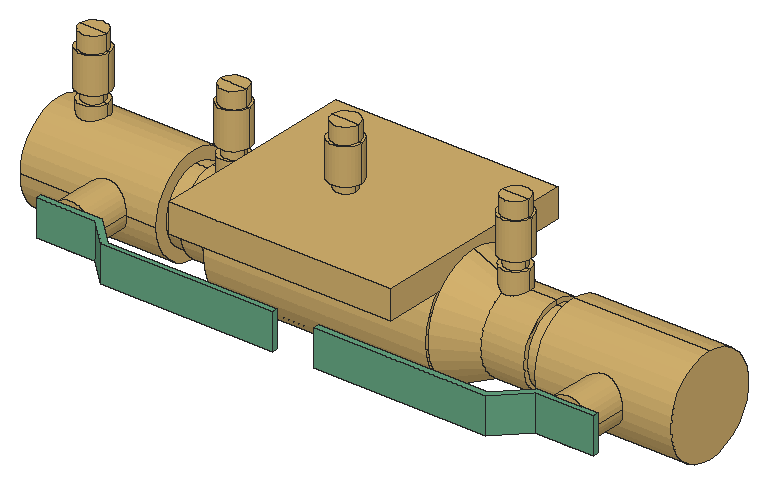
Revit family "Double_Check_Valve_Assemblies-WATTS-(125-200_LF007-QT, 125-200_LF007-QT-S)_Series", category Pipe Accessories, Revit 2019
Family settings
  Round Connector Dimension = Use Radius
  Part Type = Valve - Breaks Into
  OmniClass Number = 23.65.55.14.21
  OmniClass Title = Non-Return Valves for Liquid Services
  Work Plane-Based = No
  Always vertical = Yes
  Cut with Voids When Loaded = No
  Shared = No
Parameters (values of type "LF007-M2-QT- 1.5"")
  W/Press** Press inlet x press outlet = no
  Valve_OAL = 9 3/4"
  URL = "http://www.watts.com/"
  U Union connections = no
  Temperature Range = "33˚F – 180°F (0.5˚C – 82°C)"  # constant formula
  TC_Out_Thd_Rad = 87/256"
  TC_Out_Thd_Length = 105/256"
  TC_In_Thd_Rad = 69/256"
  TC_In_Thd_Length = 69/256"
  TC_Boss_Rad = 95/256"
  TC_Body_Rad = 105/256"
  TC_Body_Height = 119/128"
  TC4_Dist = 11 97/128"
  TC4_Boss_Height = 1 133/256"
  TC3_Dist = 7 3/8"
  TC3_Boss_Height = 1 191/256"
  TC2_Dist = 4 1/2"
  TC2_Boss_Height = 1 133/256"
  TC1_Dist = 225/256"
  TC1_Boss_Height = 1 143/256"
  T Dimension = 2 11/16"
  Shipping Weight = 15.90 lbf
  STR_Screen_Length = 3"
  STR_Port_Length = 4 13/128"
  STR_OAL = 5 109/128"
  STR_Nipple_Rad = 243/256"
  STR_Nipple_OAL = 2 15/32"
  STR_Main_Rad = 1 7/32"
  STR_IN_Port = 1 161/256"
  STR_Flow_Rad = 1 13/128"
  STR_Angle = 45.00°
  S Copper silicon alloy strainer = no
  Revised Date = "12/11/2023"  # constant formula
  Region = "North America"  # constant formula
  R Dimension = 3 1/8"
  Product Page URL = "https://www.watts.com/products/plumbing-flow-control-solutions/backflow-preventers/double-check-valve-assemblies/lf007"
  Product Documentation Link = "https://www.watts.com/dfsmedia/0533dbba17714b1ab581ab07a4cbb521/633913-source/es-lf007s"
  Pressure Rating = 175.00 psi  # constant formula
  Pipe Connection Distance = if(S Copper silicon alloy strainer, STR_OAL, 0")  # 0"
  Outlet Connection Description = "1 1/2\" Outlet Connection"
  OUT_Thd_Length = 113/256"
  Model = "LF007-M2-QT- 1.5\""
  Material = "Metal-WATTS-Cast Copper Silicon Alloy"  # constant formula
  Manufacturer Product Line = "Backflow Prevention"  # constant formula
  Manufacturer = "WATTS"
  Length = 25 1/16"
  LF Without shutoff valves = no
  Inlet Connection Description = "1 1/2\" Inlet Connection"
  IN_Thd_Length = 115/256"
  Height = 3 1/2"
  G Dimension = 5 13/16"
  Flow Rate = "7.5 fps / 2.3 mps"
  Finish = Metal-WATTS-Cast Copper Silicon Alloy
  FZ Freeze sensor = no
  F Dimension = 9 3/4"
  Description = "Lead Free* Double Check Valve Assembly Backflow Preventers with Freeze Sensor"  # constant formula
  D Dimension = 3 3/4"
  Creation Date = "11/08/2018"  # constant formula
  Cover_Thk = 161/256"
  Cover_Rad = 79/256"
  Cover_Hieght = 1 191/256"
  Cover_Ext_Dist = -161/256"
  Cover_Dist = 3 207/256"
  Cover_AF = 2 47/128"
  Country = "United States"  # constant formula
  Connection_Rad = 3/4"
  Connection Type = "Female NPT Connection"  # constant formula
  Connection Size = Connection_Rad * 2  # 1 1/2"
  Compliance Certifications = "ASSE, AWWA, IAPMO, CSA, UPC"  # constant formula
  C Dimension = 3 5/16"
  Bs Dimension = 7 1/16"
  Body_Thd_Rad = 243/256"
  Body_Step_Rad = 1 13/256"
  Body_Rad = 1 33/64"
  Body_IN_Ang2 = 7 49/256"
  Body_IN_Ang1 = 1 5/256"
  Body_Ang2 = 25.00°
  Body_Ang1 = 45.00°
  BV_Stem_Rad = 37/64"
  BV_Stem_Hieght = 2 9/32"
  BV_Handle_Width_Top = 59/128"
  BV_Handle_Width_Btm = -59/128"
  BV_Handle_Thk = 19/128"
  BV_Handle_Length = 5 109/128"
  BV_Handle_Hieght = 123/128"
  BV_Handle_CL_Front = 25/32"
  BV_Handle_CL_Angle = 187/256"
  BV_Handle_Angle = 45.00°
  BV_Body_Rad = 1 1/4"
  BV2_Stem_Dist = 1 53/64"
  BV2_OAL = BV1_OAL  # 3 1/2"
  BV1_Stem_Dist = 2 9/64"
  BV1_OAL = 3 1/2"
  B Dimension = 4 7/8"
  Assembly Code = "D2090900"
  As Dimension = 21 3/4"
  A Dimension = BV1_OAL + BV2_OAL + F Dimension  # 16 3/4"
Types (6): name | Valve_OAL | TC4_Dist | TC4_Boss_Height | TC3_Dist | TC3_Boss_Height | TC2_Dist | TC2_Boss_Height | TC1_Dist | TC1_Boss_Height | T Dimension | Shipping Weight | STR_Screen_Length | STR_Port_Length | STR_OAL | STR_Nipple_Rad | STR_Nipple_OAL | STR_Main_Rad | STR_IN_Port | STR_Flow_Rad | S Copper silicon alloy strainer | R Dimension | Pipe Connection Distance | Outlet Connection Description | OUT_Thd_Length | Model | Length | Inlet Connection Description | IN_Thd_Length | Height | G Dimension | F Dimension | D Dimension | Cover_Thk | Cover_Rad | Cover_Hieght | Cover_Ext_Dist | Cover_Dist | Connection_Rad | Connection Size | C Dimension | Bs Dimension | Body_Thd_Rad | Body_Step_Rad | Body_Rad | Body_IN_Ang2 | Body_IN_Ang1 | Body_Ang2 | BV_Stem_Rad | BV_Stem_Hieght | BV_Handle_Width_Top | BV_Handle_Width_Btm | BV_Handle_Thk | BV_Handle_Length | BV_Handle_Hieght | BV_Handle_CL_Front | BV_Handle_CL_Angle | BV_Body_Rad | BV2_Stem_Dist | BV2_OAL | BV1_Stem_Dist | BV1_OAL | B Dimension | As Dimension | A Dimension
  LF007-M2-QT-S - 1.25" | 9 1/2" | 11 51/128" | 1 133/256" | 7 1/4" | 1 191/256" | 4 37/64" | 1 133/256" | 225/256" | 1 115/256" | 2" | 19.00 lbf | 3 3/4" | 4" | 4 11/32" | 53/64" | 101/128" | 1 5/128" | 1 25/64" | 123/128" | yes | 3" | 4 11/32" | "1 1/4\" Outlet Connection" | 97/256" | "LF007-M2-QT-S - 1.25\"" | 21 1/2" | "1 1/4\" Inlet Connection" | 25/64" | 3 5/16" | 5" | 9 1/2" | 3 1/2" | 161/256" | 79/256" | 1 191/256" | -161/256" | 3 207/256" | 5/8" | 1 1/4" | 3 5/16" | 7 1/16" | 53/64" | 1 13/256" | 1 33/64" | 7 49/256" | 1 5/256" | 25.00° | 15/32" | 1 31/32" | 59/128" | -59/128" | 31/256" | 5 15/256" | 241/256" | 41/64" | 37/64" | 1 19/128" | 1 83/128" | 3 7/16" | 1 243/256" | 3 7/16" | 5" | 21 1/2" | 16 3/8"
  LF007-M2-QT-S - 1.5" | 9 3/4" | 11 97/128" | 1 133/256" | 7 3/8" | 1 191/256" | 4 1/2" | 1 133/256" | 225/256" | 1 143/256" | 2 11/16" | 19.60 lbf | 3" | 4 13/128" | 5 109/128" | 243/256" | 2 15/32" | 1 7/32" | 1 161/256" | 1 13/128" | yes | 3 1/8" | 5 109/128" | "1 1/2\" Outlet Connection" | 113/256" | "LF007-M2-QT-S - 1.5\"" | 25 1/16" | "1 1/2\" Inlet Connection" | 115/256" | 3 1/2" | 5 13/16" | 9 3/4" | 3 3/4" | 161/256" | 79/256" | 1 191/256" | -161/256" | 3 207/256" | 3/4" | 1 1/2" | 3 5/16" | 7 1/16" | 243/256" | 1 13/256" | 1 33/64" | 7 49/256" | 1 5/256" | 25.00° | 37/64" | 2 9/32" | 59/128" | -59/128" | 19/128" | 5 109/128" | 123/128" | 25/32" | 187/256" | 1 1/4" | 1 53/64" | 3 1/2" | 2 9/64" | 3 1/2" | 4 7/8" | 21 3/4" | 16 3/4"
  LF007-M1-QT-S - 2" | 13 3/8" | 12 1/2" | 2 49/256" | 7 5/8" | 2 89/256" | 4 3/4" | 2 49/256" | 223/256" | 1 205/256" | 2 11/16" | 33.50 lbf | 4 41/256" | 4 13/128" | 6 23/128" | 1 3/16" | 1 9/16" | 1 17/32" | 1 125/256" | 1 3/8" | yes | 3 7/16" | 6 23/128" | "2\" Outlet Connection" | 123/256" | "LF007-M1-QT-S - 2\"" | 27 1/4" | "2\" Inlet Connection" | 123/256" | 4" | 6 1/8" | 13 3/8" | 4" | 77/128" | 2 47/128" | 2 89/256" | -77/128" | 4 73/128" | 1" | 2" | 4" | 8 3/4" | 1 3/16" | 1 1/4" | 1 225/256" | 8 87/256" | 1 41/128" | 30.00° | 37/64" | 2 77/128" | 17/32" | -17/32" | 19/128" | 6 55/128" | 123/128" | 25/32" | 187/256" | 1 77/128" | 2 7/64" | 3 1/16" | 2 105/256" | 3 1/16" | 6 1/4" | 25 3/4" | 19 1/2"
  LF007-M1-QT- 2" | 13 3/8" | 12 1/2" | 2 49/256" | 7 5/8" | 2 89/256" | 4 3/4" | 2 49/256" | 223/256" | 1 205/256" | 2 11/16" | 25.70 lbf | 4 41/256" | 4 13/128" | 6 23/128" | 1 3/16" | 1 9/16" | 1 17/32" | 1 125/256" | 1 3/8" | no | 3 7/16" | 0" | "2\" Outlet Connection" | 123/256" | "LF007-M1-QT- 2\"" | 27 1/4" | "2\" Inlet Connection" | 123/256" | 4" | 6 1/8" | 13 3/8" | 4" | 77/128" | 2 47/128" | 2 89/256" | -77/128" | 4 73/128" | 1" | 2" | 4" | 8 3/4" | 1 3/16" | 1 1/4" | 1 225/256" | 8 87/256" | 1 41/128" | 30.00° | 37/64" | 2 77/128" | 17/32" | -17/32" | 19/128" | 6 55/128" | 123/128" | 25/32" | 187/256" | 1 77/128" | 2 7/64" | 3 1/16" | 2 105/256" | 3 1/16" | 6 1/4" | 25 3/4" | 19 1/2"
  LF007-M2-QT- 1.25" | 9 1/2" | 11 51/128" | 1 133/256" | 7 1/4" | 1 191/256" | 4 37/64" | 1 133/256" | 225/256" | 1 115/256" | 2" | 15.00 lbf | 3 3/4" | 4" | 4 11/32" | 53/64" | 101/128" | 1 5/128" | 1 25/64" | 123/128" | no | 3" | 0" | "1 1/4\" Outlet Connection" | 97/256" | "LF007-M2-QT- 1.25\"" | 21 1/2" | "1 1/4\" Inlet Connection" | 25/64" | 3 5/16" | 5" | 9 1/2" | 3 1/2" | 161/256" | 79/256" | 1 191/256" | -161/256" | 3 207/256" | 5/8" | 1 1/4" | 3 5/16" | 7 1/16" | 53/64" | 1 13/256" | 1 33/64" | 7 49/256" | 1 5/256" | 25.00° | 15/32" | 1 31/32" | 59/128" | -59/128" | 31/256" | 5 15/256" | 241/256" | 41/64" | 37/64" | 1 19/128" | 1 83/128" | 3 7/16" | 1 243/256" | 3 7/16" | 5" | 21 1/2" | 16 3/8"
  LF007-M2-QT- 1.5" | 9 3/4" | 11 97/128" | 1 133/256" | 7 3/8" | 1 191/256" | 4 1/2" | 1 133/256" | 225/256" | 1 143/256" | 2 11/16" | 15.90 lbf | 3" | 4 13/128" | 5 109/128" | 243/256" | 2 15/32" | 1 7/32" | 1 161/256" | 1 13/128" | no | 3 1/8" | 0" | "1 1/2\" Outlet Connection" | 113/256" | "LF007-M2-QT- 1.5\"" | 25 1/16" | "1 1/2\" Inlet Connection" | 115/256" | 3 1/2" | 5 13/16" | 9 3/4" | 3 3/4" | 161/256" | 79/256" | 1 191/256" | -161/256" | 3 207/256" | 3/4" | 1 1/2" | 3 5/16" | 7 1/16" | 243/256" | 1 13/256" | 1 33/64" | 7 49/256" | 1 5/256" | 25.00° | 37/64" | 2 9/32" | 59/128" | -59/128" | 19/128" | 5 109/128" | 123/128" | 25/32" | 187/256" | 1 1/4" | 1 53/64" | 3 1/2" | 2 9/64" | 3 1/2" | 4 7/8" | 21 3/4" | 16 3/4"
Reference planes (in)
  plane 1 "Center (Front/Back)": y = 0
  plane 2: z = 0
  plane 3 "Center (Left/Right)": x = 0
  plane 4 "BV1_OUT": x = 3.5
  plane 5 "BV2_IN": x = 13.25
  plane 6 "BV2_OUT": x = 16.75
  plane 7 "Cover_Hieght": z = 1.74609
  plane 8: x = 2.14063
  plane 9: x = 14.92188
  plane 10 "STR_OUT": x = 0.85156
  plane 11 "STR_IN": x = -5
  plane 12: z = 3.3125
  plane 13: x = 0
  plane 14: x = -7.74219
  plane 15: x = 19.5
  plane 16: x = 0
  plane 17: z = -3.75
  plane 18: y = -3.125
  plane 19: y = 2.6875
  plane 20: z = -1.5625
  plane 21: x = 14.92188
  plane 22: x = 5.41406
  plane 23: x = 2.14063
  plane 24: x = 14.92188
  plane 25: x = 0.85156
Forms (in)
  Extrusion 1, solid, material "Metal-WATTS-Cast Copper Silicon Alloy" <- "Finish"
    sketch origin (0, 0, 0) x (0, 1, 0) y (0, 0, 1)
      loop
        circle (0, 0) r 1.25
    from 0 to 3.5 <- "BV1_OAL"
  Extrusion 2, solid, material "Metal-WATTS-Cast Copper Silicon Alloy" <- "Finish"
    sketch origin (13.25, 0, 0) x (0, 0, 1) y (0, -1, 0)
      loop
        circle (0, 0) r 1.25
    from 0 to 3.5 <- "BV2_OAL"
  Extrusion 3, solid, material "Metal-WATTS-Cast Copper Silicon Alloy" <- "Finish"
    sketch origin (0, 0, 0) x (1, 0, 0) y (0, 0, 1)
      loop
        circle (2.14063, 0) r 0.57813
      loop
        circle (14.92188, 0) r 0.57813
    from 0 to 2.28125 <- "BV_Stem_Hieght"
  Revolve 4, solid, material "Metal-WATTS-Cast Copper Silicon Alloy" <- "Finish"
    sketch origin (-0.36, 0, 0) x (1, 0, 0) y (0, 0, 1)
      loop
        line (3.86, 0.94922) -> (3.86, 0) -> (13.61, 0) -> (13.61, 0.94922) -> (13.16859, 0.94922) -> (13.16859, 1.05078) -> (12.04827, 1.05078) -> (11.05141, 1.51562) -> (5.34438, 1.51562) -> (4.87953, 1.05078) -> (4.30922, 1.05078) -> (4.30922, 0.94922) -> (3.86, 0.94922)
      axis (3.86, 0) -> (13.61, 0)
    angle from 0 to 360
  Revolve 5, solid, material "Metal-WATTS-Cast Copper Silicon Alloy" <- "Finish"
    sketch origin (0, 0, 0) x (1, 0, 0) y (0, 0, 1)
      loop
        line (0.87891, 0) -> (0.87891, 3.12891) -> (0.53906, 3.12891) -> (0.53906, 2.71875) -> (0.46875, 2.71875) -> (0.46875, 1.78906) -> (0.60938, 1.78906) -> (0.60938, 1.51953) -> (0.50781, 1.51953) -> (0.50781, 0) -> (0.87891, 0)
      axis (0.87891, 3.12891) -> (0.87891, 0)
    angle from 0 to 360
  Revolve 6, solid, material "Metal-WATTS-Cast Copper Silicon Alloy" <- "Finish"
    sketch origin (0, 0, 0) x (1, 0, 0) y (0, 0, 1)
      loop
        line (4.5, 0) -> (4.5, 3.12891) -> (4.16016, 3.12891) -> (4.16016, 2.71875) -> (4.08984, 2.71875) -> (4.08984, 1.78906) -> (4.23047, 1.78906) -> (4.23047, 1.51953) -> (4.12891, 1.51953) -> (4.12891, 0) -> (4.5, 0)
      axis (4.5, 3.12891) -> (4.5, 0)
    angle from 0 to 360
  Revolve 7, solid, material "Metal-WATTS-Cast Copper Silicon Alloy" <- "Finish"
    sketch origin (0, 0, 0) x (1, 0, 0) y (0, 0, 1)
      loop
        line (7.375, 0) -> (7.375, 3.3125) -> (7.03516, 3.3125) -> (7.03516, 2.90234) -> (6.96484, 2.90234) -> (6.96484, 1.97266) -> (7.10547, 1.97266) -> (7.10547, 1.70313) -> (7.00391, 1.70313) -> (7.00391, 0) -> (7.375, 0)
      axis (7.375, 3.3125) -> (7.375, 0)
    angle from 0 to 360
  Revolve 8, solid, material "Metal-WATTS-Cast Copper Silicon Alloy" <- "Finish"
    sketch origin (0, 0, 0) x (1, 0, 0) y (0, 0, 1)
      loop
        line (11.75781, 0) -> (11.75781, 3.12891) -> (11.41797, 3.12891) -> (11.41797, 2.71875) -> (11.34766, 2.71875) -> (11.34766, 1.78906) -> (11.48828, 1.78906) -> (11.48828, 1.51953) -> (11.38672, 1.51953) -> (11.38672, 0) -> (11.75781, 0)
      axis (11.75781, 3.12891) -> (11.75781, 0)
    angle from 0 to 360
  Extrusion 9, solid, material "Plastic-Watts-Green"
    sketch origin (0, 0, 0) x (1, 0, 0) y (0, 1, 0)
      loop
        line (1.35938, -2.28125) -> (1.35938, -2.42969) -> (2.87109, -2.42969) -> (3.56641, -3.125) -> (7.99219, -3.125) -> (7.99219, -2.97656) -> (3.62789, -2.97656) -> (2.93258, -2.28125) -> (1.35938, -2.28125)
    from -0.46094 <- "BV_Handle_Width_Btm" to 0.46094 <- "BV_Handle_Width_Top"
  Extrusion 10, solid, material "Metal-WATTS-Cast Copper Silicon Alloy" <- "Finish", visible <- "S Copper silicon alloy strainer"
    sketch origin (-5, 0, 0) x (0, 0, 1) y (0, -1, 0)
      loop
        circle (0, 0) r 1.10156
    from 0 to 5.85156 <- "STR_OAL"
  Revolve 11, solid, material "Metal-WATTS-Cast Copper Silicon Alloy" <- "Finish", visible <- "S Copper silicon alloy strainer"
    sketch origin (0, 0, 0) x (1, 0, 0) y (0, 0, 1)
      loop
        line (-3.37109, 0) -> (-3.45396, 0) -> (-3.45396, -1.64071) -> (-1.33264, -3.76203) -> (-0.47085, -2.90024) -> (-3.37109, 0)
      axis (-3.41253, 0.04143) -> (-0.47085, -2.90024)
    angle from 0 to 360
  Revolve 12, solid, material "Metal-WATTS-Cast Copper Silicon Alloy" <- "Finish"
    sketch origin (0, 0, 0) x (1, 0, 0) y (0, 0, 1)
      loop
        line (0.85156, 0) -> (0.85156, 0.94922) -> (0, 0.94922) -> (0, 0) -> (0.85156, 0)
      axis (0.85156, 0) -> (0, 0)
    angle from 0 to 360
  Revolve 13, solid, material "Metal-WATTS-Cast Copper Silicon Alloy" <- "Finish"
    sketch origin (0, 0, 0) x (1, 0, 0) y (0, 0, 1)
      loop
        line (4.98438, 0) -> (4.98438, -1.5625) -> (10.69141, -1.5625) -> (10.69141, 0) -> (4.98438, 0)
      axis (4.98438, 0) -> (10.69141, 0)
    angle from 0 to 360
  Extrusion 14, solid, material "Metal-WATTS-Cast Copper Silicon Alloy" <- "Finish"
    sketch origin (0, 0, 0) x (1, 0, 0) y (0, 1, 0)
      loop
        line (4.98438, 2.6875) -> (4.98438, -2.6875) -> (10.69141, -2.6875) -> (10.69141, 2.6875) -> (4.98438, 2.6875)
    from 0.9985 to 1.74609
  Extrusion 15, solid, material "Plastic-Watts-Green"
    sketch origin (22.80469, 0, 0) x (-1, 0, 0) y (0, -1, 0)
      loop
        line (7.10156, 2.28125) -> (8.67477, 2.28125) -> (9.37008, 2.97656) -> (13.73438, 2.97656) -> (13.73438, 3.125) -> (9.30859, 3.125) -> (8.61328, 2.42969) -> (7.10156, 2.42969) -> (7.10156, 2.28125)
    from -0.46094 <- "BV_Handle_Width_Btm" to 0.46094 <- "BV_Handle_Width_Top"
  Revolve 16, void
    sketch origin (0, 0, 0) x (1, 0, 0) y (0, 0, 1)
      loop
        line (3.5, 0) -> (3.5, 0.75) -> (0.85156, 0.75) -> (0.85156, 0) -> (3.5, 0)
      axis (0.85156, 0) -> (3.5, 0)
    angle from 0 to 360
Cuts and joins
  Revolve 16 cuts Extrusion 1
  Revolve 16 cuts Extrusion 3
  Revolve 16 cuts Revolve 4
  Revolve 16 cuts Revolve 5
  Revolve 16 cuts Extrusion 10
  Revolve 16 cuts Revolve 11
  Revolve 16 cuts Revolve 12
Lines and regions (in)
  Masking region 1, visible <- "S Copper silicon alloy strainer", detail levels medium+fine
    outline origin (0, 0, 0) x (1, 0, 0) y (0, 1, 0)
      loop
        line (-5, 1.25) -> (-5, -1.60156) -> (0, -1.60156) -> (0, 1.25) -> (-5, 1.25)
  Masking region 2, detail levels medium+fine
    outline origin (0, 0, 0) x (1, 0, 0) y (0, 1, 0)
      loop
        line (0, 1.25) -> (0, -1.25) -> (1.5625, -1.25) -> (1.5625, -2.28125) -> (2.71875, -2.28125) -> (2.71875, -1.25) -> (4.98438, -1.25) -> (4.98438, -2.6875) -> (10.69141, -2.6875) -> (10.69141, -1.25) -> (14.34375, -1.25) -> (14.34375, -2.28125) -> (15.5, -2.28125) -> (15.5, -1.25) -> (16.75, -1.25) -> (16.75, 1.25) -> (10.69141, 1.25) -> (10.69141, 2.6875) -> (4.98438, 2.6875) -> (4.98438, 1.25) -> (0, 1.25)
  Masking region 3, detail levels medium+fine
    outline origin (0, 0, 0) x (1, 0, 0) y (0, 1, 0)
      loop
        line (2.87109, -2.42969) -> (3.56641, -3.125) -> (7.99219, -3.125) -> (7.99219, -2.97656) -> (3.62789, -2.97656) -> (2.93258, -2.28125) -> (1.35938, -2.28125) -> (1.35938, -2.42969) -> (2.87109, -2.42969)
      loop
        line (9.07031, -3.125) -> (13.49609, -3.125) -> (14.19141, -2.42969) -> (15.70313, -2.42969) -> (15.70313, -2.28125) -> (14.12992, -2.28125) -> (13.43461, -2.97656) -> (9.07031, -2.97656) -> (9.07031, -3.125)
  symbolic lines, detail levels medium+fine
    curve 1: line (4.98438, 2.6875, 0) -> (4.98438, -2.6875, 0)
    curve 2: line (10.69141, -2.6875, 0) -> (10.69141, 2.6875, 0)
Dimensions and locks (in)
  "BV1_OAL": plane 4 "BV1_OUT" to plane 3 "Center (Left/Right)"
  "F Dimension": plane 5 "BV2_IN" to plane 4 "BV1_OUT"
  "BV2_OAL": plane 6 "BV2_OUT" to plane 5 "BV2_IN"
  "BV1_Stem_Dist": Extrusion 3 sketch curve to plane 3 "Center (Left/Right)"
  "BV2_Stem_Dist": plane 6 "BV2_OUT" to Extrusion 3 sketch curve
  "IN_Thd_Length": Revolve 4 sketch curve to plane 4 "BV1_OUT"
  "Body_IN_Ang1": Revolve 4 sketch curve to Extrusion 1
  "Body_IN_Ang2": Revolve 4 sketch curve to plane 4 "BV1_OUT"
  "OUT_Thd_Length": plane 5 "BV2_IN" to Revolve 4 sketch curve
  "Body_Thd_Rad": Revolve 4 sketch curve to level
  "Body_Step_Rad": Revolve 4 sketch curve to level
  "Body_Rad": Revolve 4 sketch curve to level
  "Cover_Hieght": plane 7 "Cover_Hieght" to level
  "TC1_Dist": Revolve 5 sketch curve to plane 3 "Center (Left/Right)"
  "TC_Out_Thd_Rad": Revolve 5 sketch curve to Revolve 5 sketch curve
  "TC_Body_Rad": Revolve 5 sketch curve to Revolve 5 sketch curve
  "TC_Boss_Rad": Revolve 5 sketch curve to Revolve 5 sketch curve
  "TC_In_Thd_Rad": Revolve 5 sketch curve to Revolve 5 sketch curve
  "TC_In_Thd_Length": Revolve 5 sketch curve to Revolve 5 sketch curve
  "TC_Body_Height": Revolve 5 sketch curve to Revolve 5 sketch curve
  "TC_Out_Thd_Length": Revolve 5 sketch curve to Revolve 5 sketch curve
  "TC2_Dist": Revolve 6 sketch curve to plane 3 "Center (Left/Right)"
  "TC_Out_Thd_Rad": Revolve 6 sketch curve to Revolve 6 sketch curve
  "TC_Body_Rad": Revolve 6 sketch curve to Revolve 6 sketch curve
  "TC_In_Thd_Rad": Revolve 6 sketch curve to Revolve 6 sketch curve
  "TC_Boss_Rad": Revolve 6 sketch curve to Revolve 6 sketch curve
  "TC_In_Thd_Length": Revolve 6 sketch curve to Revolve 6 sketch curve
  "TC_Body_Height": Revolve 6 sketch curve to Revolve 6 sketch curve
  "TC_Out_Thd_Length": Revolve 6 sketch curve to Revolve 6 sketch curve
  "TC3_Dist": Revolve 7 sketch curve to plane 3 "Center (Left/Right)"
  "TC_Out_Thd_Rad": Revolve 7 sketch curve to Revolve 7 sketch curve
  "TC_Body_Rad": Revolve 7 sketch curve to Revolve 7 sketch curve
  "TC_Boss_Rad": Revolve 7 sketch curve to Revolve 7 sketch curve
  "TC_In_Thd_Rad": Revolve 7 sketch curve to Revolve 7 sketch curve
  "TC_In_Thd_Length": Revolve 7 sketch curve to Revolve 7 sketch curve
  "TC_Body_Height": Revolve 7 sketch curve to Revolve 7 sketch curve
  "TC_Out_Thd_Length": Revolve 7 sketch curve to Revolve 7 sketch curve
  "TC4_Dist": Revolve 8 sketch curve to plane 3 "Center (Left/Right)"
  "TC_Body_Rad": Revolve 8 sketch curve to Revolve 8 sketch curve
  "TC_Out_Thd_Rad": Revolve 8 sketch curve to Revolve 8 sketch curve
  "TC_In_Thd_Rad": Revolve 8 sketch curve to Revolve 8 sketch curve
  "TC_Boss_Rad": Revolve 8 sketch curve to Revolve 8 sketch curve
  "TC_In_Thd_Length": Revolve 8 sketch curve to Revolve 8 sketch curve
  "TC_Body_Height": Revolve 8 sketch curve to Revolve 8 sketch curve
  "TC_Out_Thd_Length": Revolve 8 sketch curve to Revolve 8 sketch curve
  "BV1_Stem_Dist": plane 3 "Center (Left/Right)" to plane 8
  "BV2_Stem_Dist": plane 9 to plane 6 "BV2_OUT"
  "BV_Handle_Thk": Extrusion 9 sketch curve to Extrusion 9 sketch curve  (x3)
  "BV_Handle_CL_Front": Extrusion 9 sketch curve to plane 8
  "BV_Handle_CL_Angle": plane 8 to Extrusion 9 sketch curve
  "BV_Handle_Length": plane 8 to Extrusion 9 sketch curve
  "STR_OAL": plane 10 "STR_OUT" to plane 11 "STR_IN"
  "STR_IN_Port": Revolve 11 sketch curve to plane 11 "STR_IN"
  "STR_Port_Length": Revolve 11 sketch curve to Revolve 11 sketch curve
  "STR_Screen_Length": Revolve 11 sketch curve to Revolve 11 sketch curve
  "STR_Main_Rad": Revolve 11 sketch curve to Revolve 11 sketch curve
  "STR_Nipple_Rad": Revolve 12 sketch curve to level
  plane 3 "Center (Left/Right)" to plane 6 "BV2_OUT" = 16 3/4"
  "As Dimension": plane 6 "BV2_OUT" to plane 11 "STR_IN"
  "C Dimension": level to plane 12
  locked: plane 12 to Revolve 5 sketch curve at 0.18359
  locked: plane 14 to plane 15 at 27.24219
  locked: plane 14 to plane 16 at 7.74219
  "D Dimension": level to plane 17
  "R Dimension": plane 18 to plane 1 "Center (Front/Back)"
  "T Dimension": plane 1 "Center (Front/Back)" to plane 19
  "B Dimension": plane 12 to plane 20
  "T Dimension": plane 1 "Center (Front/Back)" to Extrusion 14 sketch curve
  locked: plane 7 "Cover_Hieght" to Extrusion 14 at 0.7476
  "BV_Handle_Thk": Extrusion 15 sketch curve to Extrusion 15 sketch curve  (x3)
  "BV_Handle_CL_Front": Extrusion 15 sketch curve to plane 21
  "BV_Handle_CL_Angle": plane 21 to Extrusion 15 sketch curve
  "BV_Handle_Length": plane 21 to Extrusion 15 sketch curve
  "BV2_Stem_Dist": plane 6 "BV2_OUT" to plane 21
  "BV_Body_Rad": plane 1 "Center (Front/Back)" to Masking region 1 sketch curve
  "BV_Body_Rad": Masking region 2 sketch curve to plane 1 "Center (Front/Back)" to Masking region 2 sketch curve
  "BV1_Stem_Dist": Extrusion 1 to plane 23
  "BV_Stem_Rad": Masking region 2 sketch curve to plane 23 to Masking region 2 sketch curve
  "BV_Stem_Rad": Masking region 2 sketch curve to plane 24 to Masking region 2 sketch curve
  "BV2_Stem_Dist": plane 24 to Extrusion 2
  "Connection_Rad": Revolve 16 sketch curve to Revolve 16 sketch curve
  "Pipe Connection Distance": plane 10 "STR_OUT" to plane 25
  "BV_Body_Rad": radius of Extrusion 1 sketch curve
  "BV_Body_Rad": radius of Extrusion 2 sketch curve
  "BV_Stem_Rad": radius of Extrusion 3 sketch curve  (x2)
  "STR_Flow_Rad": radius of Extrusion 10 sketch curve
  "Body_Ang1": angle Revolve 4 sketch curve to Revolve 4 sketch curve
  "Body_Ang2": angle Revolve 4 sketch curve to Revolve 4 sketch curve
  "BV_Handle_Angle": angle Extrusion 9 sketch curve to Extrusion 9 sketch curve
  "STR_Angle": angle Revolve 11 sketch curve to level
  aligned and locked: plane 4 "BV1_OUT" to Revolve 4 sketch curve
  aligned and locked: level to Revolve 4 sketch curve
  aligned and locked: Revolve 4 sketch curve to plane 5 "BV2_IN"
  aligned and locked: Revolve 4 sketch curve to Revolve 4 sketch curve  (x3)
  aligned and locked: Revolve 5 sketch curve to level
  aligned and locked: Revolve 5 sketch curve to Revolve 5 sketch curve
  aligned and locked: Revolve 6 sketch curve to level
  aligned and locked: Revolve 6 sketch curve to Revolve 6 sketch curve  (x2)
  aligned and locked: Revolve 7 sketch curve to level
  aligned and locked: Revolve 7 sketch curve to Revolve 7 sketch curve
  aligned and locked: Revolve 8 sketch curve to level
  aligned and locked: Revolve 8 sketch curve to Revolve 8 sketch curve
  aligned and locked: Extrusion 9 sketch curve to Extrusion 3
  aligned and locked: Revolve 11 sketch curve to level
  aligned and locked: Revolve 11 sketch curve to Revolve 11 sketch curve
  aligned and locked: Revolve 12 sketch curve to plane 10 "STR_OUT"
  aligned and locked: plane 3 "Center (Left/Right)" to Revolve 12 sketch curve
  aligned and locked: Revolve 12 sketch curve to level
  aligned and locked: Revolve 12 sketch curve to Revolve 12 sketch curve
  aligned and locked: plane 12 to Revolve 7 sketch curve
  aligned and locked: Revolve 6 sketch curve to Revolve 5
  aligned and locked: Revolve 8 sketch curve to Revolve 6
  aligned and locked: plane 13 to plane 3 "Center (Left/Right)"
  aligned and locked: plane 16 to plane 3 "Center (Left/Right)"
  aligned and locked: Revolve 13 sketch curve to level  (x2)
  aligned and locked: plane 20 to Revolve 13 sketch curve
  aligned and locked: Revolve 4 to Revolve 13 sketch curve
  aligned and locked: Revolve 13 sketch curve to Revolve 4
  aligned and locked: plane 19 to Extrusion 14 sketch curve
  aligned and locked: Extrusion 14 sketch curve to Revolve 4
  aligned and locked: Extrusion 14 sketch curve to Revolve 13
  aligned and locked: plane 7 "Cover_Hieght" to Extrusion 14
  aligned and locked: plane 18 to Extrusion 9 sketch curve
  aligned and locked: Extrusion 15 sketch curve to plane 18
  aligned and locked: Extrusion 15 sketch curve to Extrusion 3
  aligned and locked: Masking region 2 sketch curve to plane 6 "BV2_OUT"
  aligned and locked: Masking region 2 sketch curve to Extrusion 14  (x4)
  aligned and locked: Extrusion 14 to Masking region 2 sketch curve  (x2)
  aligned and locked: Masking region 2 sketch curve to Masking region 2 sketch curve  (x4)
  aligned and locked: Masking region 3 sketch curve to Extrusion 9  (x8)
  aligned and locked: Masking region 3 sketch curve to Extrusion 15  (x8)
  aligned and locked: Extrusion 3 to Masking region 2 sketch curve
  aligned and locked: Masking region 2 sketch curve to Extrusion 1
  aligned and locked: Masking region 2 sketch curve to Extrusion 3
  aligned and locked: curve 1 to Extrusion 14
  aligned and locked: curve 2 to Extrusion 14
  aligned and locked: Revolve 16 sketch curve to level
  aligned and locked: level to Revolve 16 sketch curve
  aligned and locked: Revolve 16 sketch curve to plane 25
  aligned and locked: Revolve 16 sketch curve to plane 4 "BV1_OUT"
  aligned and locked: curve 1 to Masking region 2
  aligned and locked: Masking region 2 to curve 2
Automatic sketch dimensions
  Extrusion 1 sketch curve to level = 0"
  Extrusion 1 sketch curve to plane 1 "Center (Front/Back)" = 0"
  Extrusion 2 sketch curve to level = 0"
  Extrusion 2 sketch curve to plane 1 "Center (Front/Back)" = 0"
  Revolve 4 sketch curve to plane 4 "BV1_OUT" = 0"
  Revolve 4 sketch curve to plane 5 "BV2_IN" = 0"
  Revolve 5 sketch curve to level = 0"
  Revolve 5 sketch curve to Revolve 5 sketch curve = 0"
  Revolve 6 sketch curve to level = 0"
  Revolve 7 sketch curve to level = 0"
  Revolve 7 sketch curve to Revolve 7 sketch curve = 11/256"
  Revolve 8 sketch curve to level = 0"
  Revolve 8 sketch curve to Revolve 8 sketch curve = 0"
  Extrusion 10 sketch curve to level = 0"
  Extrusion 10 sketch curve to plane 1 "Center (Front/Back)" = 0"
  Revolve 11 sketch curve to level = 0"
  plane 17 to Revolve 11 sketch curve = 0.075"
  Revolve 12 sketch curve to plane 10 "STR_OUT" = 0"
  Revolve 12 sketch curve to plane 3 "Center (Left/Right)" = 0"
  Revolve 13 sketch curve to plane 4 "BV1_OUT" = 0.63008"
  Revolve 13 sketch curve to Revolve 13 sketch curve = 2.28007"
  Extrusion 15 sketch curve to Extrusion 15 sketch curve = 0.06148"
  Masking region 1 sketch curve to plane 11 "STR_IN" = 0"
  Masking region 1 sketch curve to plane 3 "Center (Left/Right)" = 0"
  plane 19 to curve 1 = 0"
  plane 19 to curve 2 = 0"
  Revolve 16 sketch curve to Revolve 16 sketch curve = 0.91904"
  plane 4 "BV1_OUT" to Revolve 16 sketch curve = 25/64"
  plane 1 "Center (Front/Back)" to Masking region 1 sketch curve = 1 77/128"
  Extrusion 3 sketch curve to level = 0"  (x2)
Nested families (in)
  nested 1: "Backflow Symbology" at (5.68276, -0.02396, 0.01043) x (-1, 0, 0) z (0, 0, 1), type "Backflow Symbology", detail levels coarse
Connectors (in)
  piping at (16.75, 0, 0), diameter 1.5, driven by "Connection_Rad", driven by "Outlet Connection Description"
    settings: on Extrusion 2, index 2, connector inside diameter 2", connector length 0", flow factor 0, pipe flow 0 GPM, pressure drop 0.00 psi, fitting loss kfactor 0, connector angle 0.00°, fixture units 0, engagement length 0", angle of deflection 0.00°, flow configuration 0, flow direction 2, fitting loss method 0, system type 29, joint type 0, gender type 0, connector reference index -1, connector utility 0, adjustable connector no, is connector primary yes, connector description "1 1/2\" Outlet Connection"
  piping at (0.85156, 0, 0), diameter 1.5, driven by "Connection_Rad", driven by "Inlet Connection Description"
    settings: on cut or joined group of Extrusion 10, Revolve 16, index 3, connector inside diameter 24", connector length 0", flow factor 0, pipe flow 0 GPM, pressure drop 0.00 psi, fitting loss kfactor 0, connector angle 0.00°, fixture units 0, engagement length 0", angle of deflection 0.00°, flow configuration 0, flow direction 1, fitting loss method 0, system type 29, joint type 0, gender type 0, connector reference index -1, connector utility 0, adjustable connector no, is connector primary no, connector description "1 1/2\" Inlet Connection"
Definition of nested family "Backflow Symbology"
  Parameters (values of type "Backflow Symbology")
    Width = 0"
    Waste Connection Radius = 0"
    Waste Connection Height = 0"
    Waste Connection Diameter = 0"
    Waste Connection = no
    Warranty Information = ""
    Vent Connection = no
    Shipping Weight = 0.00 lbf
    Revised Date = ""
    Product Page URL = ""
    Product Documentation Link = ""
    Price = "Prices may vary. Please consult Manufacturer Representative for most up-to-date price list."  # constant formula
    Material = ""
    Length = 0"
    Installation Type = ""
    IAPMO Compliance = ""
    Hot Water Connection Width = 0"
    Hot Water Connection Radius = 0"
    Hot Water Connection Height = 0"
    Hot Water Connection Diameter = 0"
    Height = 0"
    HW Connection = no
    Flush Rate = ""
    Flow Rate = ""
    Default Elevation = 0"
    Creation Date = ""
    Cold Water Connection Width = 0"
    Cold Water Connection Radius = 0"
    Cold Water Connection Height = 0"
    Cold Water Connection Diameter = Cold Water Connection Radius * 2  # 0"
    CW Connection = no
    Bowl Shape = ""
    Basin Shape = ""
    ADA Compliant = yes
  Reference planes (in)
    plane 1 "Center (Front/Back)": y = 0
    plane 2: z = 0
    plane 3 "Center (Left/Right)": x = 0
  Lines and regions (in)
    model lines
      curve 1: line (-10, 0.91721, 0) -> (-10, -0.91721, 0)
      curve 2: line (-5, 0.91721, 0) -> (-5, -0.91721, 0)
      curve 3: line (-5, 0.91721, 0) -> (0, -0.91721, 0)
      curve 4: line (0, -0.91721, 0) -> (0, 0.91721, 0)
      curve 5: line (-5, 0.91721, 0) -> (-10, -0.91721, 0)
      curve 6: line (-10, 0.91721, 0) -> (-5, -0.91721, 0)
      curve 7: line (-7.5, 0, 0) -> (-7.5, 0.91721, 0)
      curve 8: line (-7.5, 0.91721, 0) -> (-6.84959, 0.91721, 0)
      curve 9: line (5, 0.91721, 0) -> (5, -0.91721, 0)
      curve 10: line (10, 0.91721, 0) -> (10, -0.91721, 0)
      curve 11: line (10, 0.91721, 0) -> (5, -0.91721, 0)
      curve 12: line (5, 0.91721, 0) -> (10, -0.91721, 0)
      curve 13: line (7.5, 0, 0) -> (7.5, 0.91721, 0)
      curve 14: line (7.18783, 0.91721, 0) -> (7.5, 0.91721, 0)
      curve 15: line (0, 0.91721, 0) -> (5, -0.91721, 0)
